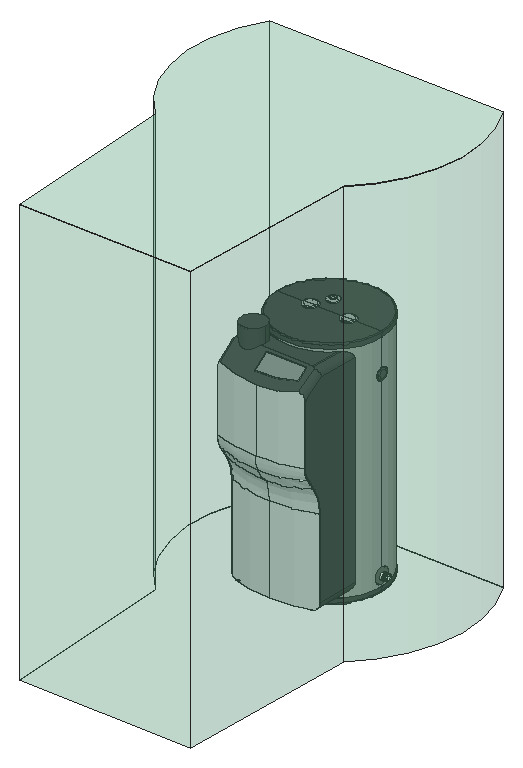
Revit family "Innovo GB_IR 20 160 GB LP", category Mechanical Equipment, Revit 2015
Parameters (values of type "IR-20-160 GB LP")
  Workspace Radius = Diameter + 170 mm  # 730 mm
  Workspace Height = Height + 1000 mm  # 2270 mm
  Workspace Front Distance = 1000 mm
  Working only during off-peak hour = no
  Width = Diameter  # 560 mm
  Workspace [instance] = yes
  Water heating energy efficiency class (2) = "-"
  Water heating energy efficiency class (1) = "A"  # constant formula
  Water heating energy efficiency (2) = "-"
  Water heating energy efficiency (1) = "92%"
  Warranty on tank = "36 months"  # constant formula
  Warranty on parts = "12 months"  # constant formula
  Voltage = 230 V  # constant formula
  Valve Height 02 = if(and(Height = 1745 mm, Diameter = 675 mm), 1518 mm, if(and(Height = 1745 mm, Diameter = 610 mm), 1534 mm, if(Height = 1545 mm, 1328 mm, 1070 mm)))  # 1070 mm
  Valve Height 01 = if(and(Diameter > 560 mm), 693 mm, 604 mm)  # 604 mm
  URL = "www.aosmith.co.uk"
  Type of Packaging = "Carton and Wood"  # constant formula
  Transport Weight = 114 kg
  Trade mark = "A.O. Smith"  # constant formula
  Thermostat temperature setting = 65 °C  # constant formula
  T&P Connection Rp = 3/4"
  Storage Capacity = 160.0 L
  Standard Set For = "G20"
  Stand-by Loss - daily (24h) = 0 W
  Stand-by Loss = 0 W
  Smart control = no
  Serial Number = "8717449286057"
  Seasonal Energy Efficiency Rating = [Energy Efficiency Rating (Hs, acc NEN-EN 89-1999)]  # 95
  Recovery Rate @ ΔT = 70°C = 240.0 L/s
  Recovery Rate @ ΔT = 55°C = 300.0 L/s
  Recovery Rate @ ΔT = 50°C = 330.0 L/s
  Recovery Rate @ ΔT = 44°C = 380.0 L/s
  Recovery Rate @ ΔT = 28°C = 590.0 L/s
  Product Instruction Link = ""
  Product Documentation Link = ""
  Precaustions during assembling, installation or maintenance = "see User, Installation, Service and Maintenance Manual"  # constant formula
  Power Consumption (peak) = 85 W
  Power Consumption (nominal) = 36 W
  Phase = 1
  Packaging Width = 786 mm  # constant formula
  Packaging Length = 946 mm  # constant formula
  Packaging Height = 1465 mm
  Other load profile = "-"
  Operating Weight = 274 kg
  Nominal Output = "19100"
  Nominal Heat Input (Net) = "18000"
  Nominal Heat Input (Gross) = "20000"
  Noice-level dB (A) = "<45"  # constant formula
  NOx Emissions mg/kWh = "30"
  NOx Emissions (air free, 0% O2) ppm = "19"
  Model identifier = "IR-20-160"
  Model = "IR-20-160 GB NAT"
  Min. Setpoint = 40 °C  # constant formula
  Max. Setpoint = 85 °C  # constant formula
  Max. Operating Pressure = 800000.0 Pa
  Max. Flue Gas Outlet Temperature = 61 °C
  Manufacturer Number = "E 7110"  # constant formula
  Manufacturer = "A.O. Smith Water Products Company b.v."  # constant formula
  Maintenance Interval = "12 months"  # constant formula
  Load profile = "XL"
  Length = 780 mm  # constant formula
  Insulation Thickness = 50 mm
  Installation Type = "B23/C13/C33/C43/C53/C63"  # constant formula
  Indoor sound power level = "52 dB"
  Hot / Warm Water Connection R = 3/4"
  Height Warm Water Outlet = 1270 mm
  Height Gas Connection = 860 mm
  Height Flue Outlet = 1295 mm
  Height Cold Water Inlet = 170 mm
  Height Air Inlet = 1295 mm
  Height = 1270 mm
  Heating Up Time @ ΔT = 70°C = "27"
  Heating Up Time @ ΔT = 55°C = "21"
  Heating Up Time @ ΔT = 50°C = "19"
  Heating Up Time @ ΔT = 44°C = "17"
  Heating Up Time @ ΔT = 28°C = "11"
  Gas Supply Pressure = 2000.0 Pa
  Gas Flow Rate - Volume ltr/hr = "1.90"
  Gas Flow Rate - Mass kg/h = "n.a."
  Gas Connection R = 15"  # constant formula
  Gas Category = "II2E3P"  # constant formula
  Frequency = 50 Hz  # constant formula
  Flue Diameter - water heater = "80/125 mm/mm"  # constant formula
  Flue Diameter - parallel system = "2x80"  # constant formula
  Flue Diameter - concentric system = "80/125 mm/mm"  # constant formula
  Energy Efficiency Rating (Hs, acc NEN-EN 89-1999) = 95
  Energy Efficiency Rating (Hi, acc NEN-EN 89-1999) = 106
  Empty Weight = 95 kg
  Draw-off Capacity @ ΔT = 70°C after 90 min. = 410.0 L
  Draw-off Capacity @ ΔT = 70°C after 60 min. = 290.0 L
  Draw-off Capacity @ ΔT = 70°C after 30 min. = 170.0 L
  Draw-off Capacity @ ΔT = 70°C after 120 min. = 520.0 L
  Draw-off Capacity @ ΔT = 55°C after 90 min. = 540.0 L
  Draw-off Capacity @ ΔT = 55°C after 60 min. = 390.0 L
  Draw-off Capacity @ ΔT = 55°C after 30 min. = 240.0 L
  Draw-off Capacity @ ΔT = 55°C after 120 min. = 700.0 L
  Draw-off Capacity @ ΔT = 50°C after 90 min. = 600.0 L
  Draw-off Capacity @ ΔT = 50°C after 60 min. = 440.0 L
  Draw-off Capacity @ ΔT = 50°C after 30 min. = 270.0 L
  Draw-off Capacity @ ΔT = 50°C after 120 min. = 770.0 L
  Draw-off Capacity @ ΔT = 44°C after 90 min. = 690.0 L
  Draw-off Capacity @ ΔT = 44°C after 60 min. = 510.0 L
  Draw-off Capacity @ ΔT = 44°C after 30 min. = 320.0 L
  Draw-off Capacity @ ΔT = 44°C after 120 min. = 880.0 L
  Draw-off Capacity @ ΔT = 28°C after 90 min. = 1200.0 L
  Draw-off Capacity @ ΔT = 28°C after 60 min. = 820.0 L
  Draw-off Capacity @ ΔT = 28°C after 30 min. = 530.0 L
  Draw-off Capacity @ ΔT = 28°C after 120 min. = 1500.0 L
  Drain Valve Connection Rp = 3/4"  # constant formula
  Diameter = 560 mm
  Destination / Country = "UK & Ireland"  # constant formula
  Description = "Condensing High Efficiency Storage Water Heater"  # constant formula
  Default Setpoint = 65 °C  # constant formula
  Created By = "http://www.cadcompany.nl/"
  Condens Discharge Connection = 40 mm  # constant formula
  Cold Water Connection R = 3/4"  # constant formula
  Co2 Emissions (tol. +/- 1.0) vol% = "9.3"
  CE-PIN = "0063CQ3037"  # constant formula
  BIM Content Developer = "CAD & Company"  # constant formula
  Assembly Code = "D3010"
  Annual fuel consumption (2) = "-"
  Annual fuel consumption (1) = "16 GJ GCV"
  Annual electricity consumption (2) = "-"
  Annual electricity consumption (1) = "37 kWh"
  APS Pressure < = 115.0 Pa
  2nd Maintenance (general maintenance) = "12 months after installation"  # constant formula
  1e Maintenance (check-up) = "3 months after installation"  # constant formula
Reference planes
  plane 1 "Center (Front/Back)": y = 0
  plane 2: z = 0
  plane 3 "Center (Left/Right)": x = 0
  plane 4 "Pipe": through (-383.901, 912.349, 194.799) normal (-0.0879, -0.0879, 0.9923)
  plane 5 "footing": y = 118.925
  plane 6 "footing front": y = -237.85
  plane 7: x = -280
  plane 8: x = 280
  plane 9: z = 1270
Forms (mm)
  Revolve 1, solid, material "RAL 9005", detail levels medium+fine
    sketch origin (0, -237.85, 0) x (-1, 0, 0) y (0, 0, 1)
      loop
        line (0, 28.9) -> (-15, 28.9) -> (-15, 26.4) -> (-8.671, 26.4) -> (-8.671, 18) -> (-5.686, 18) -> (-6.626, 17.06) -> (-6.626, 12.06) -> (-8.671, 12.06) -> (-8.671, 10) -> (-10.031, 10) -> (-23.271, 5.181)
        arc (-23.271, 5.181) -> (-23.763, 4.836) -> (-24.017, 4.293) r 1.159
        line (-24.017, 4.293) -> (-24.017, 1.03)
        arc (-24.017, 1.03) -> (-23.715, 0.302) -> (-22.986, 0) r 1.03
        line (-22.986, 0) -> (0, 0) -> (0, 28.9)
      axis (0, 28.9) -> (0, 0)
    angle from 0 to 360
  Revolve 2, solid, material "RAL 9005", detail levels medium+fine
    sketch origin (0, 118.925, 0) x (-1, 0, 0) y (0, 0, 1)
      loop
        line (-180.984, 28.9) -> (-195.984, 28.9) -> (-195.984, 26.4) -> (-189.655, 26.4) -> (-189.655, 18) -> (-186.67, 18) -> (-187.61, 17.06) -> (-187.61, 12.06) -> (-189.655, 12.06) -> (-189.655, 10) -> (-191.015, 10) -> (-204.256, 5.181)
        arc (-204.256, 5.181) -> (-204.747, 4.836) -> (-205.001, 4.293) r 1.159
        line (-205.001, 4.293) -> (-205.001, 1.03)
        arc (-205.001, 1.03) -> (-204.699, 0.302) -> (-203.971, 0) r 1.03
        line (-203.971, 0) -> (-180.984, 0) -> (-180.984, 28.9)
      axis (-180.984, 28.9) -> (-180.984, 0)
    angle from 0 to 360
  Revolve 3, solid, material "RAL 9005", detail levels medium+fine
    sketch origin (0, 118.925, 0) x (-1, 0, 0) y (0, 0, 1)
      loop
        line (179.016, 28.9) -> (164.016, 28.9) -> (164.016, 26.4) -> (170.345, 26.4) -> (170.345, 18) -> (173.33, 18) -> (172.39, 17.06) -> (172.39, 12.06) -> (170.345, 12.06) -> (170.345, 10) -> (168.985, 10) -> (155.744, 5.181)
        arc (155.744, 5.181) -> (155.253, 4.836) -> (154.999, 4.293) r 1.159
        line (154.999, 4.293) -> (154.999, 1.03)
        arc (154.999, 1.03) -> (155.301, 0.302) -> (156.029, 0) r 1.03
        line (156.029, 0) -> (179.016, 0) -> (179.016, 28.9)
      axis (179.016, 28.9) -> (179.016, 0)
    angle from 0 to 360
Lines and regions (mm)
  symbolic lines
    curve 1: line (0, 280.06, 0) -> (0, -280.06, 0)
    curve 2: line (-255.06, 0, 0) -> (255.06, 0, 0)
  symbolic lines, style "Workspace"
    curve 3: line (623.261, 380.06, 0) -> (-623.261, 380.06, 0)
    curve 4: arc (-623.261, 380.06, 0) -> (-723.227, -99.209, 0) -> (-497.893, -533.856, 0) r 730
    curve 5: line (-497.893, -533.856, 0) -> (-454.283, -1492.825, 0)
    curve 6: line (-454.283, -1492.825, 0) -> (456.53, -1492.825, 0)
    curve 7: line (456.53, -1492.825, 0) -> (500.201, -531.695, 0)
    curve 8: arc (500.201, -531.695, 0) -> (723.44, -97.643, 0) -> (623.261, 380.06, 0) r 730
Dimensions and locks
  plane 5 "footing" to plane 1 "Center (Front/Back)" = 118.925 mm
  plane 1 "Center (Front/Back)" to plane 6 "footing front" = 237.85 mm
  "Diameter": plane 7 to plane 8
  equal spacing: plane 7, plane 3 "Center (Left/Right)", plane 8
  "Height": plane 9 to plane 2
  "Workspace Front Distance": curve 6 to nested 3
  "Workspace Radius": radius of curve 4
  "Workspace Radius": radius of curve 8
  aligned and locked: level to plane 2
  aligned and locked: nested 3 to Revolve 1 sketch curve
  aligned and locked: plane 3 "Center (Left/Right)" to Revolve 1 sketch curve
  aligned and locked: nested 3 to plane 1 "Center (Front/Back)"
  aligned and locked: plane 3 "Center (Left/Right)" to nested 3
  aligned and locked: nested 1 to plane 8
  aligned and locked: nested 5 to plane 8
  aligned and locked: nested 2 to plane 7
  aligned and locked: nested 4 to plane 7
  aligned and locked: nested 7 to plane 7
  aligned and locked: nested 8 to plane 3 "Center (Left/Right)"
  aligned and locked: plane 1 "Center (Front/Back)" to nested 8
  aligned and locked: nested 8 to nested 3
  aligned and locked: curve 5 to nested 8
  aligned and locked: curve 7 to nested 8
  aligned and locked: curve 3 to nested 8
Automatic sketch dimensions
  Revolve 1 sketch curve to level = 0 mm
  plane 3 "Center (Left/Right)" to Revolve 1 sketch curve = 5.686 mm
  Revolve 1 sketch curve to Revolve 1 sketch curve = 0.94 mm  (x2)
  Revolve 1 sketch curve to Revolve 1 sketch curve = 2.046 mm  (x2)
  Revolve 1 sketch curve to Revolve 1 sketch curve = 1.359 mm
  Revolve 1 sketch curve to Revolve 1 sketch curve = 6.329 mm
  level to Revolve 1 sketch curve = 4.091 mm
  Revolve 1 sketch curve to Revolve 1 sketch curve = 12.844 mm
  level to Revolve 1 sketch curve = 1.03 mm
  Revolve 1 sketch curve to Revolve 1 sketch curve = 0.111 mm
  level to Revolve 1 sketch curve = 5.181 mm
  Revolve 1 sketch curve to Revolve 1 sketch curve = 0.745 mm
  level to Revolve 1 sketch curve = 10 mm
  Revolve 1 sketch curve to Revolve 1 sketch curve = 2.06 mm
  Revolve 1 sketch curve to Revolve 1 sketch curve = 5 mm
  Revolve 1 sketch curve to Revolve 1 sketch curve = 8.4 mm
  Revolve 1 sketch curve to Revolve 1 sketch curve = 2.5 mm
  Revolve 1 sketch curve to level = 19.635 mm
  Revolve 1 sketch curve to Revolve 1 sketch curve = 46.465 mm
  Revolve 2 sketch curve to level = 0 mm
  level to Revolve 2 sketch curve = 1.03 mm
  Revolve 2 sketch curve to plane 8 = 74.999 mm
  level to Revolve 2 sketch curve = 5.181 mm
  Revolve 2 sketch curve to Revolve 2 sketch curve = 0.745 mm
  Revolve 2 sketch curve to Revolve 2 sketch curve = 0.397 mm
  Revolve 2 sketch curve to Revolve 2 sketch curve = 8.271 mm
  Revolve 2 sketch curve to Revolve 2 sketch curve = 13.241 mm
  Revolve 2 sketch curve to Revolve 2 sketch curve = 1.359 mm
  Revolve 2 sketch curve to Revolve 2 sketch curve = 6.329 mm
  Revolve 2 sketch curve to Revolve 2 sketch curve = 2.046 mm
  level to Revolve 2 sketch curve = 18 mm
  Revolve 2 sketch curve to Revolve 2 sketch curve = 0.94 mm  (x2)
  Revolve 2 sketch curve to Revolve 2 sketch curve = 8.671 mm
  Revolve 2 sketch curve to Revolve 2 sketch curve = 1.089 mm
  Revolve 2 sketch curve to Revolve 2 sketch curve = 8 mm
  Revolve 2 sketch curve to Revolve 2 sketch curve = 2.06 mm
  Revolve 2 sketch curve to Revolve 2 sketch curve = 8.4 mm
  Revolve 2 sketch curve to Revolve 2 sketch curve = 2.5 mm
  Revolve 2 sketch curve to Revolve 2 sketch curve = 0 mm
  Revolve 2 sketch curve to level = 19.635 mm
  Revolve 2 sketch curve to Revolve 2 sketch curve = 46.465 mm
  Revolve 3 sketch curve to level = 0 mm
  level to Revolve 3 sketch curve = 1.03 mm
  Revolve 3 sketch curve to plane 7 = 125.001 mm
  level to Revolve 3 sketch curve = 5.181 mm
  Revolve 3 sketch curve to Revolve 3 sketch curve = 0.745 mm
  Revolve 3 sketch curve to Revolve 3 sketch curve = 0.397 mm
  Revolve 3 sketch curve to Revolve 3 sketch curve = 8.271 mm
  Revolve 3 sketch curve to Revolve 3 sketch curve = 13.241 mm
  Revolve 3 sketch curve to Revolve 3 sketch curve = 1.359 mm
  Revolve 3 sketch curve to Revolve 3 sketch curve = 6.329 mm
  Revolve 3 sketch curve to Revolve 3 sketch curve = 2.046 mm
  level to Revolve 3 sketch curve = 18 mm
  Revolve 3 sketch curve to Revolve 3 sketch curve = 0.94 mm  (x2)
  Revolve 3 sketch curve to Revolve 3 sketch curve = 8.671 mm
  Revolve 3 sketch curve to Revolve 3 sketch curve = 1.089 mm
  Revolve 3 sketch curve to Revolve 3 sketch curve = 8 mm
  Revolve 3 sketch curve to Revolve 3 sketch curve = 2.06 mm
  Revolve 3 sketch curve to Revolve 3 sketch curve = 8.4 mm
  Revolve 3 sketch curve to Revolve 3 sketch curve = 2.5 mm
  Revolve 3 sketch curve to Revolve 3 sketch curve = 0 mm
  Revolve 3 sketch curve to level = 19.635 mm
  Revolve 3 sketch curve to Revolve 3 sketch curve = 46.465 mm
  curve 4 to curve 8 = 0 mm  (x2)
  plane 1 "Center (Front/Back)" to curve 2 = 0 mm
  curve 1 to plane 3 "Center (Left/Right)" = 0 mm
  plane 1 "Center (Front/Back)" to curve 4 = 0 mm
  curve 4 to plane 3 "Center (Left/Right)" = 0 mm
  curve 2 to plane 7 = 24.94 mm
  curve 2 to plane 8 = 24.94 mm
  curve 1 to plane 6 "footing front" = 42.21 mm
  plane 5 "footing" to curve 1 = 161.135 mm
Nested families
  nested 1: "Valve" at (280, -0.38, 1070) x (0, 1, 0) z (0, 0, 1), built-in parameter 1001364 <- "Valve Height 02", type "Valve"
  nested 2: "Drain Valve" at (-280, 0, 1070), built-in parameter 1001364 <- "Valve Height 02", type "Drain Valve"
  nested 3: "Housing Mother Housing S 57 (external)" at (0, -274.886, 0), type "Housing Mother_Housing S_57"
  nested 4: "Drain Valve" at (-280, 0, 177), type "Drain Valve"
  nested 5: "Drain Valve" at (280, 0, 107) x (-1, 0, 0) z (0, 0, 1), type "Drain Valve"
  nested 6: "Boiler" at (0, 0, 0), height <- "Height", type "Boiler"
    with height 1270 mm
  nested 7: "Drain Valve" at (-280, 0, 604), built-in parameter 1001364 <- "Valve Height 01", type "Drain Valve"
  nested 8: "Innovo_workspace" at (0, 0, 0), Workspace <- "Workspace", Workspace Distance Front <- "Workspace Front Distance", Workspace Height <- "Workspace Height", Workspace Radius <- "Workspace Radius", type "Workspace"
    with Workspace Radius 730 mm, Workspace Height 2270 mm, Workspace Distance Front 1000 mm, Workspace yes, Center to Front 492.825 mm
Connectors
  piping at (314.826, 0, 107), diameter 19.05, driven by "Drain Valve Connection Rp"
    settings: on nested 5, index 1, connector inside diameter 24", connector length 0 mm, flow factor 0, pipe flow 0.0 L/s, pressure drop 0.0 Pa, fitting loss kfactor 0, connector angle 0.00°, fixture units 0, engagement length 0 mm, angle of deflection 0.00°, flow configuration 0, flow direction 0, fitting loss method 0, system type 19, joint type 0, gender type 0, connector reference index -1, connector utility 0, adjustable connector no, is connector primary yes, connector description ""
  hvac at (-147.013, -321.326, 1310.674)
    settings: on nested 3, index 2, duct flow 0.0 L/s, flow factor 0, pres drop 0.0 Pa, loss coef 0, conn angle 0.00°, conn width 304.8 mm, conn height 304.8 mm, conn diameter 125 mm, duct sys type 4, conn prof type 0, flow config 0, flow direction 0, loss method 0, conn ref index -1, conn util no, is conn primary yes, conn desc ""
Definition of nested family "Valve"
  Parameters (values of type "Valve")
    Type Comments = "T&P valve (internal)"
    Manufacturer = "A.O. Smith"
  Reference planes
    plane 1 "Center (Front/Back)": y = 0
    plane 2: z = 0
    plane 3 "Center (Left/Right)": x = 0
  Forms (mm)
    Extrusion 1, solid, detail levels fine
      sketch origin (0, 0, 0) x (1, 0, 0) y (0, 0, 1)
        loop
          circle (0, 0) r 31.5
      from -2.271 to 1.4
    Sweep 2, solid, detail levels fine
      path origin (0, -1.4, 0) x (1, 0, 0) y (0, 0, 1)
        loop
          circle (0, 0) r 31.5
      profile origin (0, -1.4, 31.5) x (0, 0, -1) y (0, -1, 0)
        loop
          line (7.3, 0) -> (7.3, 3) -> (0, 0) -> (7.3, 0)
  Dimensions and locks
    aligned and locked: level to plane 2
Definition of nested family "Drain Valve"
  Reference planes
    plane 1 "Center (Front/Back)": y = 0
    plane 2: z = 0
    plane 3 "Center (Left/Right)": x = 0
  Forms (mm)
    Revolve 1, solid, detail levels medium+fine
      sketch origin (0, 0, 0) x (1, 0, 0) y (0, 0, 1)
        loop
          line (-33.442, 15.696) -> (-34.826, 14.329) -> (-34.93, 12.731) -> (-16.555, 12.731) -> (-16.555, 0) -> (15.787, 0) -> (15.787, 18.3) -> (-14.4, 18.3) -> (-17.148, 15.533) -> (-18.729, 16.697) -> (-20.091, 15.333) -> (-21.672, 16.496) -> (-23.034, 15.133) -> (-24.614, 16.296) -> (-25.976, 14.932) -> (-27.557, 16.096) -> (-28.919, 14.732) -> (-30.5, 15.896) -> (-31.862, 14.532) -> (-33.442, 15.696)
        axis (-34.93, 0) -> (15.787, 0)
      angle from 0 to 360
  Dimensions and locks
    aligned and locked: level to plane 2
  Nested families
    nested 1: "Rubber sealing" at (2.592, -0.155, 0) x (0.0023, -1, 0) z (0, 0, 1), type "Rubber sealing", detail levels fine
  Definition of nested family "Rubber sealing"
    Reference planes
      plane 1 "Center (Front/Back)": y = 0
      plane 2: z = 0
      plane 3 "Center (Left/Right)": x = 0
    Forms (mm)
      Extrusion 1, solid, detail levels fine
        sketch origin (141.861, 319.581, 0) x (1, 0, 0) y (0, 1, 0)
          loop
            line (-216.354, -311.898) -> (-216.354, -313.94)
            arc (-216.354, -313.94) -> (-141.602, -321.581) -> (-66.861, -313.835) r 366.966
            line (-66.861, -313.835) -> (-66.861, -311.791)
            arc (-66.861, -311.791) -> (-141.602, -319.581) -> (-216.354, -311.898) r 364.966
        from -80 to 80
      Extrusion 2, void
        sketch origin (141.861, 319.581, 0) x (1, 0, 0) y (0, 0, 1)
          loop
            circle (-141.861, 0) r 13
          loop
            circle (-141.861, 0) r 110
          loop
            circle (-141.861, 0) r 40
        from 311.563 to 332.684
      Extrusion 3, void
        sketch origin (141.861, 319.581, 0) x (1, 0, 0) y (0, 0, 1)
          loop
            circle (-141.861, 0) r 18.25
        from 315.524 to 326.084
    Cuts and joins
      Extrusion 2, Extrusion 3 cuts Extrusion 1
    Dimensions and locks
      aligned and locked: level to plane 2
Definition of nested family "Housing Mother Housing S 57 (external)"
  Parameters (values of type "Housing Mother_Housing S_57")
    radius [instance] = 280 mm
    distance to boiler center = if(diameter = 675 mm, 189 mm, if(diameter = 610 mm, 154 mm, 129 mm))  # 129 mm
    diameter = 560 mm
  Reference planes
    plane 1 "Center (Front/Back)": y = 0
    plane 2: z = 0
    plane 3 "Center (Left/Right)": x = 0
    plane 4 "left": through (-245.286, 145.886, 1200) normal (0.9994, 0.0349, 0)
    plane 5: y = -217.939
    plane 6: y = 145.886
    plane 7: z = 1232.6
    plane 8: z = 65.89
    plane 9 "right": through (245.286, 145.886, 1200) normal (0.9994, -0.0349, 0)
    plane 10 "display": through (0, -90.37, 1221.196) normal (0, -0.5736, 0.8192)
    plane 11 "Potentiostat": z = 867.899
    plane 12 "boiler center": y = 274.886
    plane 13: x = -280
    plane 14: x = 280
  Forms (mm)
    Extrusion 1, solid
      sketch origin (0, 0, 0) x (1, 0, 0) y (0, 1, 0)
        loop
          line (-245.286, 145.886) -> (-232.581, -217.939) -> (232.581, -217.939) -> (245.286, 145.886)
          arc (245.286, 145.886) -> (0, 0.923) -> (-245.286, 145.886) r 280
      from 0 to 1232.6
    Sweep 2, void
      path origin (0, 0, 0) x (0, 1, 0) y (0, 0, 1)
        loop
          line (-217.939, 1232.6) -> (-217.939, 795.555)
          arc (-217.939, 795.555) -> (-212.387, 754.285) -> (-197.694, 715.322) r 183.924
          arc (-197.694, 715.322) -> (-179.915, 684.628) -> (-159.106, 655.901) r 348.284
          arc (-159.106, 655.901) -> (-131.411, 600.328) -> (-121.88, 538.973) r 202.254
          line (-121.88, 538.973) -> (-121.88, 61.106)
      profile origin (0, -217.939, 1014.077) x (1, 0, 0) y (0, 1, 0)
        loop
          arc (0, 0) -> (-117.533, 9.941) -> (-231.728, 39.475) r 699.984
          arc (-231.728, 39.475) -> (-233.391, 40.705) -> (-234.07, 42.659) r 3.505
          line (-234.07, 42.659) -> (-254.062, 42.659) -> (-254.062, -142.593) -> (254.07, -142.593) -> (254.07, 42.659) -> (234.07, 42.659)
          arc (234.07, 42.659) -> (233.391, 40.705) -> (231.728, 39.475) r 3.505
          arc (231.728, 39.475) -> (117.533, 9.941) -> (0, 0) r 699.984
    Extrusion 3, void
      sketch origin (0, 0, 0) x (0, 1, 0) y (0, 0, 1)
        loop
          arc (102.864, 70.869) -> (99.804, 70.709) -> (96.874, 69.813) r 12.57
          arc (96.874, 69.813) -> (87.878, 66.533) -> (78.516, 64.529) r 69.114
          arc (78.516, 64.529) -> (76.41, 64.284) -> (74.294, 64.148) r 41.206
          arc (74.294, 64.148) -> (65.203, 64.335) -> (56.122, 64.782) r 318.661
          arc (56.122, 64.782) -> (30.585, 66.179) -> (5.028, 67.128) r 1456.581
          line (5.028, 67.128) -> (-84.534, 73.135)
          arc (-84.534, 73.135) -> (-86.363, 73.808) -> (-87.536, 75.365) r 3.455
          line (-87.536, 75.365) -> (-264.473, 75.365) -> (-264.473, 0) -> (160.886, 0) -> (160.886, 103.945) -> (145.886, 103.945)
          arc (145.886, 103.945) -> (145.104, 97.827) -> (142.923, 92.059) r 26.364
          arc (142.923, 92.059) -> (141.067, 88.936) -> (138.867, 86.045) r 31.715
          arc (138.867, 86.045) -> (135.576, 82.49) -> (132.021, 79.2) r 62.615
          arc (132.021, 79.2) -> (125.841, 74.697) -> (119.091, 71.103) r 54.444
          arc (119.091, 71.103) -> (116.371, 70.272) -> (113.531, 70.123) r 11.669
          line (113.531, 70.123) -> (102.864, 70.869)
      from -254.062 to 254.07
    Sweep 4, void
      path origin (0, 0, 0) x (1, 0, 0) y (0, 1, 0)
        loop
          line (-245.286, 145.886) -> (-232.581, -217.939)
      profile origin (-238.933, -36.027, 0) x (0.999391, 0.034899, 0) y (0, 0, 1)
        loop
          line (-4.454, 0) -> (47.084, 0) -> (47.084, 73.431)
          arc (47.084, 73.431) -> (14.222, 85.134) -> (0.255, 117.1) r 43.922
          line (0.255, 117.1) -> (-4.454, 117.1) -> (-4.454, 0)
    Sweep 5, void
      path origin (0, 0, 0) x (-1, 0, 0) y (0, 1, 0)
        loop
          line (-245.286, 145.886) -> (-232.581, -217.939)
      profile origin (238.933, -36.027, 0) x (0.999391, -0.034899, 0) y (0, 0, 1)
        loop
          line (4.454, 0) -> (4.454, 117.1) -> (-0.255, 117.1)
          arc (-0.255, 117.1) -> (-14.222, 85.134) -> (-47.084, 73.431) r 43.922
          line (-47.084, 73.431) -> (-47.084, 0) -> (4.454, 0)
    Sweep 6, void
      path origin (-239.899, -8.377, 0) x (-0.034899, 0.999391, 0) y (0, 0, 1)
        loop
          line (-209.69, 1141.272) -> (-79.18, 1232.6) -> (154.358, 1232.6)
      profile origin (-241.211, 29.188, 1232.6) x (0, 0, 1) y (0.999391, 0.034899, 0)
        loop
          line (-45, -30) -> (75, -30) -> (75, 0) -> (75, 55) -> (2.799, 55) -> (-1.253, 35.128)
          arc (-1.253, 35.128) -> (-16.771, 9.564) -> (-45, -0.308) r 44.287
          line (-45, -0.308) -> (-45, -30)
    Sweep 7, void
      path origin (239.899, -8.377, 0) x (0.034899, 0.999391, 0) y (0, 0, 1)
        loop
          line (-209.69, 1141.272) -> (-79.18, 1232.6) -> (154.358, 1232.6)
      profile origin (241.211, 29.188, 1232.6) x (0, 0, -1) y (-0.999391, 0.034899, 0)
        loop
          line (-75, -25) -> (45, -25) -> (45, -0.308)
          arc (45, -0.308) -> (16.771, 9.564) -> (1.253, 35.128) r 44.287
          line (1.253, 35.128) -> (-2.799, 55) -> (-75, 55) -> (-75, -25)
    Extrusion 8, void
      sketch origin (0, 0, 0) x (0, 1, 0) y (0, 0, 1)
        loop
          line (-270, 1336.099) -> (-270, 1099.081) -> (68.497, 1336.099) -> (-270, 1336.099)
      from -425.038 to 444.42
    Extrusion 9, solid, detail levels medium+fine
      sketch origin (0, 0, 0) x (1, 0, 0) y (0, 1, 0)
        loop
          circle (-147.013, -46.44) r 65
      from 1163.174 to 1310.674
    Extrusion 10, void
      sketch origin (0, -603.506, 861.895) x (0, 0.819152, 0.573576) y (-1, 0, 0)
        loop
          arc (618.322, -173) -> (623.272, -170.95) -> (625.322, -166) r 7
          line (625.322, -166) -> (625.322, 35)
          arc (625.322, 35) -> (623.272, 39.95) -> (618.322, 42) r 7
          line (618.322, 42) -> (535.473, 42)
          arc (535.473, 42) -> (530.688, 40.11) -> (528.488, 35.46) r 7
          arc (528.488, 35.46) -> (531.569, -67.592) -> (554.18, -168.18) r 540
          arc (554.18, -168.18) -> (556.724, -171.668) -> (560.831, -173) r 7
          line (560.831, -173) -> (618.322, -173)
      from 0 to 137.286
    Sweep 11, solid, detail levels fine
      path origin (0, 0, 867.899) x (-1, 0, 0) y (0, -1, 0)
        loop
          line (309.749, -35.617) -> (204.371, -35.617)
          arc (204.371, -35.617) -> (196.509, -34.687) -> (189.082, -31.947) r 33.677
          line (189.082, -31.947) -> (-9.574, 69.274)
      profile origin (-257.06, 35.617, 867.899) x (0, 1, 0) y (0, 0, 1)
        loop
          circle (0, 0) r 7.316
        loop
          circle (0, 0) r 6.465
    Revolve 12, void
      sketch origin (0, 274.886, 0) x (-1, 0, 0) y (0, 0, 1)
        loop
          line (280, 1243.838) -> (0, 1243.838) -> (0, 54.9) -> (280, 54.9) -> (280, 1243.838)
        axis (0, 1243.838) -> (0, 54.9)
      angle from 0 to 360
  Cuts and joins
    Sweep 2, Extrusion 3, Sweep 4, Sweep 5, Sweep 6, Sweep 7, Extrusion 8, Extrusion 10, Revolve 12 cuts Extrusion 1
  Dimensions and locks
    plane 8 to plane 2 = 65.89 mm
    plane 7 to plane 8 = 1166.71 mm
    "distance to boiler center": plane 12 "boiler center" to plane 6
    "diameter": plane 14 to plane 13
    equal spacing: plane 14, plane 3 "Center (Left/Right)", plane 13
    "radius": plane 3 "Center (Left/Right)" to plane 13
    aligned and locked: level to plane 2
    aligned and locked: Extrusion 1 to plane 7
    aligned and locked: Extrusion 1 sketch curve to plane 5
    aligned and locked: Sweep 2 to Extrusion 3
    aligned and locked: Extrusion 3 to Sweep 2  (x2)
    aligned and locked: plane 7 to Sweep 2 sketch curve
    aligned and locked: plane 3 "Center (Left/Right)" to Revolve 12 sketch curve
    aligned and locked: Revolve 12 sketch curve to plane 3 "Center (Left/Right)"
    aligned and locked: plane 13 to Revolve 12 sketch curve
  Automatic sketch dimensions
    Extrusion 1 sketch curve to plane 4 "left" = 0 mm  (x2)
    Extrusion 1 sketch curve to plane 6 = 0 mm  (x2)
    Extrusion 1 sketch curve to plane 3 "Center (Left/Right)" = 0 mm
    Extrusion 1 sketch curve to plane 9 "right" = 0 mm
    plane 6 to Extrusion 1 sketch curve = 135.037 mm
    Sweep 2 sketch curve to plane 5 = 0 mm
    plane 5 to Sweep 2 sketch curve = 106.195 mm
    Sweep 2 sketch curve to plane 5 = 96.059 mm
    plane 1 "Center (Front/Back)" to Sweep 2 sketch curve = 34.053 mm
    plane 11 "Potentiostat" to Sweep 2 sketch curve = 6.417 mm
    Sweep 2 sketch curve to plane 6 = 33.705 mm
    Sweep 2 sketch curve to plane 11 "Potentiostat" = 68.615 mm
    Sweep 2 sketch curve to plane 11 "Potentiostat" = 72.345 mm
    Sweep 2 sketch curve to Sweep 2 sketch curve = 176.349 mm
    Sweep 2 sketch curve to Sweep 2 sketch curve = 0 mm  (x2)
    plane 8 to Sweep 2 sketch curve = 4.784 mm
    Extrusion 3 sketch curve to level = 0 mm
    Extrusion 3 sketch curve to plane 6 = 0 mm
    Extrusion 3 sketch curve to plane 6 = 26.363 mm
    Extrusion 3 sketch curve to Extrusion 3 sketch curve = 4.75 mm
    Extrusion 3 sketch curve to Extrusion 3 sketch curve = 5.179 mm
    Extrusion 3 sketch curve to plane 8 = 4.232 mm
    Extrusion 3 sketch curve to Extrusion 3 sketch curve = 0.814 mm
    Extrusion 3 sketch curve to plane 8 = 4.978 mm
    Extrusion 3 sketch curve to Extrusion 3 sketch curve = 10.667 mm
    Extrusion 3 sketch curve to Extrusion 3 sketch curve = 0.877 mm
    Extrusion 3 sketch curve to Extrusion 3 sketch curve = 17.827 mm
    Extrusion 3 sketch curve to Extrusion 3 sketch curve = 5.646 mm
    Extrusion 3 sketch curve to plane 6 = 69.562 mm
    Extrusion 3 sketch curve to Extrusion 3 sketch curve = 18.6 mm
    Extrusion 3 sketch curve to Extrusion 3 sketch curve = 22.538 mm
    Extrusion 3 sketch curve to plane 8 = 1.238 mm
    Extrusion 3 sketch curve to plane 1 "Center (Front/Back)" = 5.028 mm
    plane 1 "Center (Front/Back)" to Extrusion 3 sketch curve = 36.224 mm
    Extrusion 3 sketch curve to plane 8 = 10.692 mm
    plane 1 "Center (Front/Back)" to Extrusion 3 sketch curve = 84.302 mm
    Extrusion 3 sketch curve to plane 8 = 7.244 mm
    Extrusion 3 sketch curve to Extrusion 3 sketch curve = 0.231 mm
    Extrusion 3 sketch curve to Extrusion 3 sketch curve = 3.234 mm
    plane 5 to Extrusion 3 sketch curve = 46.534 mm
    plane 6 to Extrusion 3 sketch curve = 15 mm
    Extrusion 3 sketch curve to level = 1388.869 mm
    plane 8 to Extrusion 3 sketch curve = 7.561 mm
    Extrusion 3 sketch curve to Extrusion 3 sketch curve = 11.64 mm
    Extrusion 3 sketch curve to plane 8 = 38.054 mm
    Extrusion 3 sketch curve to Extrusion 3 sketch curve = 22.442 mm
    Extrusion 3 sketch curve to plane 8 = 39.432 mm
    Extrusion 3 sketch curve to Extrusion 3 sketch curve = 2.466 mm
    Extrusion 3 sketch curve to Extrusion 3 sketch curve = 14.17 mm
    Extrusion 3 sketch curve to Extrusion 3 sketch curve = 5.925 mm
    Extrusion 3 sketch curve to Extrusion 3 sketch curve = 6.186 mm
    Extrusion 3 sketch curve to Extrusion 3 sketch curve = 249.85 mm
    Extrusion 3 sketch curve to Extrusion 3 sketch curve = 0 mm  (x4)
    Extrusion 3 sketch curve to Extrusion 3 sketch curve = 6.845 mm
    plane 8 to Extrusion 3 sketch curve = 1.743 mm
    Sweep 4 sketch curve to plane 4 "left" = 0 mm  (x2)
    Sweep 4 sketch curve to plane 6 = 0 mm
    plane 5 to Sweep 4 sketch curve = 0 mm
    Sweep 4 sketch curve to level = 0 mm
    profile plane to Sweep 4 sketch curve = 4.454 mm
    Sweep 4 sketch curve to profile plane = 0.255 mm
    Sweep 4 sketch curve to Sweep 4 sketch curve = 43.922 mm
    Sweep 4 sketch curve to profile plane = 47.084 mm
    level to Sweep 4 sketch curve = 73.431 mm
    Sweep 4 sketch curve to Sweep 4 sketch curve = 43.669 mm
    Sweep 5 sketch curve to plane 6 = 0 mm
    Sweep 5 sketch curve to plane 9 "right" = 0 mm  (x2)
    plane 5 to Sweep 5 sketch curve = 0 mm
    Sweep 5 sketch curve to level = 0 mm
    profile plane to Sweep 5 sketch curve = 47.084 mm
    Sweep 5 sketch curve to Sweep 5 sketch curve = 2.907 mm
    profile plane to Sweep 5 sketch curve = 0.255 mm
    Sweep 5 sketch curve to profile plane = 4.454 mm
    level to Sweep 5 sketch curve = 73.431 mm
    Sweep 5 sketch curve to Sweep 5 sketch curve = 43.669 mm
    Sweep 6 sketch curve to plane 7 = 0 mm
    plane 7 to Sweep 6 sketch curve = 91.328 mm
    Sweep 6 sketch curve to Sweep 6 sketch curve = 130.509 mm
    Sweep 6 sketch curve to Sweep 6 sketch curve = 233.538 mm
    Sweep 6 sketch curve to plane 4 "left" = 0 mm
    profile plane to Sweep 6 sketch curve = 45 mm
    Sweep 6 sketch curve to Sweep 6 sketch curve = 0.354 mm
    profile plane to Sweep 6 sketch curve = 1.253 mm
    Sweep 6 sketch curve to profile plane = 2.799 mm
    Sweep 6 sketch curve to Sweep 6 sketch curve = 72.201 mm
    Sweep 6 sketch curve to plane 4 "left" = 0.308 mm
    Sweep 6 sketch curve to Sweep 6 sketch curve = 29.692 mm
    plane 4 "left" to Sweep 6 sketch curve = 35.128 mm
    plane 4 "left" to Sweep 6 sketch curve = 55 mm
    Sweep 7 sketch curve to plane 7 = 0 mm
    Sweep 7 sketch curve to plane 7 = 91.328 mm
    Sweep 7 sketch curve to Sweep 7 sketch curve = 130.509 mm
    Sweep 7 sketch curve to Sweep 7 sketch curve = 233.538 mm
    Sweep 7 sketch curve to plane 9 "right" = 25 mm
    profile plane to Sweep 7 sketch curve = 75 mm
    profile plane to Sweep 7 sketch curve = 2.799 mm
    Sweep 7 sketch curve to profile plane = 1.253 mm
    Sweep 7 sketch curve to Sweep 7 sketch curve = 43.393 mm
    Sweep 7 sketch curve to profile plane = 45 mm
    Sweep 7 sketch curve to plane 9 "right" = 0.308 mm
    plane 9 "right" to Sweep 7 sketch curve = 35.128 mm
    Sweep 7 sketch curve to Sweep 7 sketch curve = 19.872 mm
    plane 5 to Extrusion 8 sketch curve = 52.061 mm
    Extrusion 8 sketch curve to plane 1 "Center (Front/Back)" = 68.497 mm
    plane 7 to Extrusion 8 sketch curve = 133.519 mm
    Extrusion 8 sketch curve to plane 7 = 103.499 mm
    plane 1 "Center (Front/Back)" to Extrusion 9 sketch curve = 46.44 mm
    Extrusion 9 sketch curve to plane 3 "Center (Left/Right)" = 147.013 mm
    Extrusion 10 sketch curve to plane 3 "Center (Left/Right)" = 0 mm
    Extrusion 10 sketch curve to plane 3 "Center (Left/Right)" = 35 mm
    Extrusion 10 sketch curve to Extrusion 10 sketch curve = 25.359 mm
    Extrusion 10 sketch curve to Extrusion 10 sketch curve = 57.491 mm
    Extrusion 10 sketch curve to plane 3 "Center (Left/Right)" = 42 mm
    Extrusion 10 sketch curve to Extrusion 10 sketch curve = 82.85 mm
    Extrusion 10 sketch curve to Extrusion 10 sketch curve = 7 mm
    Extrusion 10 sketch curve to Extrusion 10 sketch curve = 442 mm
    plane 3 "Center (Left/Right)" to Extrusion 10 sketch curve = 166 mm
    Extrusion 10 sketch curve to Extrusion 10 sketch curve = 0 mm  (x2)
    Sweep 11 sketch curve to plane 1 "Center (Front/Back)" = 31.947 mm
    Sweep 11 sketch curve to plane 3 "Center (Left/Right)" = 189.082 mm
    Sweep 11 sketch curve to plane 1 "Center (Front/Back)" = 1.94 mm
    Sweep 11 sketch curve to Sweep 11 sketch curve = 15.289 mm
    plane 3 "Center (Left/Right)" to Sweep 11 sketch curve = 9.574 mm
    Sweep 11 sketch curve to Sweep 11 sketch curve = 105.378 mm
    plane 1 "Center (Front/Back)" to Sweep 11 sketch curve = 69.274 mm
    Sweep 11 sketch curve to Sweep 11 sketch curve = 0 mm  (x2)
    Sweep 11 sketch curve to plane 11 "Potentiostat" = 0 mm
    Sweep 11 sketch curve to profile plane = 0 mm
    plane 8 to Revolve 12 sketch curve = 10.99 mm
    Revolve 12 sketch curve to plane 7 = 11.238 mm
    Revolve 12 sketch curve to level = 366.045 mm
    Revolve 12 sketch curve to Revolve 12 sketch curve = 971.917 mm
    Sweep 2 sketch curve to plane 3 "Center (Left/Right)" = 0 mm
    profile plane to Sweep 2 sketch curve = 0 mm
    Sweep 2 sketch curve to plane 3 "Center (Left/Right)" = 0.016 mm
    Sweep 2 sketch curve to profile plane = 42.782 mm  (x2)
    Sweep 2 sketch curve to plane 3 "Center (Left/Right)" = 230.568 mm
    plane 3 "Center (Left/Right)" to Sweep 2 sketch curve = 0.016 mm
    plane 3 "Center (Left/Right)" to Sweep 2 sketch curve = 230.568 mm
    Sweep 2 sketch curve to Sweep 2 sketch curve = 3.502 mm  (x2)
    Sweep 2 sketch curve to Sweep 2 sketch curve = 20 mm
    profile plane to Sweep 2 sketch curve = 142.593 mm
    Sweep 2 sketch curve to Sweep 2 sketch curve = 0.122 mm  (x2)
    Sweep 2 sketch curve to Sweep 2 sketch curve = 657.203 mm
    Sweep 2 sketch curve to Sweep 2 sketch curve = 19.991 mm
    radius of Extrusion 9 sketch curve = 65 mm
    radius of Sweep 11 sketch curve = 7.316 mm
    radius of Sweep 11 sketch curve = 6.465 mm
  Nested families
    nested 1: "display" at (65.5, -130.939, 1192.79) x (-1, 0, 0) z (0, -0.5736, 0.8192), type "display"
  Definition of nested family "display"
    Parameters (values of type "display")
      Default Elevation = 1219.2 mm
    Reference planes
      plane 1 "Center (Front/Back)": y = 0
      plane 2: z = 0
      plane 3 "Center (Left/Right)": x = 0
    Forms (mm)
      Extrusion 1, solid, detail levels medium+fine
        sketch origin (-16.958, 11.842, -343.878) x (1, 0, 0) y (0, 0, -1)
          loop
            line (-233.523, -343.878) -> (-233.523, -346.592) -> (332.686, -346.592) -> (332.686, -343.878) -> (-233.523, -343.878)
        from -228.7 to 150.822
      Extrusion 2, void
        sketch origin (-16.958, 6.842, -343.878) x (1, 0, 0) y (0, 1, 0)
          loop
            line (-233.523, 155.822) -> (-233.523, -223.7) -> (332.686, -223.7) -> (332.686, 155.822) -> (-233.523, 155.822)
          loop
            arc (-90.542, -48.267) -> (-88.492, -53.216) -> (-83.542, -55.267) r 7
            line (-83.542, -55.267) -> (117.458, -55.267)
            arc (117.458, -55.267) -> (122.408, -53.216) -> (124.458, -48.267) r 7
            line (124.458, -48.267) -> (124.458, 34.583)
            arc (124.458, 34.583) -> (122.568, 39.368) -> (117.918, 41.568) r 7
            arc (117.918, 41.568) -> (14.866, 38.487) -> (-85.722, 15.876) r 540
            arc (-85.722, 15.876) -> (-89.21, 13.332) -> (-90.542, 9.224) r 7
            line (-90.542, 9.224) -> (-90.542, -48.267)
        from 328.878 to 363.083
    Cuts and joins
      Extrusion 2 cuts Extrusion 1
    Dimensions and locks
      aligned and locked: level to plane 2
Definition of nested family "Boiler"
  Parameters (values of type "Boiler")
    radius [instance] = 280 mm
    height [instance] = 1270 mm
    Diameter = 560 mm
  Reference planes
    plane 1 "Center (Front/Back)": y = 0
    plane 2: z = 0
    plane 3 "Center (Left/Right)": x = 0
    plane 4: z = 1243.838
    plane 5: z = 1270
    plane 6 "bottom": z = 28.9
    plane 7: z = 54.9
    plane 8 "top controle": y = 88
    plane 9: x = -280
    plane 10: x = 280
  Forms (mm)
    Revolve 1, solid
      sketch origin (0, 0, 0) x (1, 0, 0) y (0, 0, 1)
        loop
          line (0, 54.9) -> (-280, 54.9) -> (-280, 32.9)
          arc (-280, 32.9) -> (-278.828, 30.072) -> (-276, 28.9) r 4
          line (-276, 28.9) -> (0, 28.9) -> (0, 54.9)
        axis (0, 28.9) -> (0, 54.9)
      angle from 0 to 360
    Revolve 2, solid
      sketch origin (1.311, 0, 0) x (1, 0, 0) y (0, 0, 1)
        loop
          line (-278.86, 1243.838) -> (-278.86, 54.9) -> (-1.311, 54.9) -> (-1.311, 1243.838) -> (-278.86, 1243.838)
        axis (-1.311, 1243.838) -> (-1.311, 54.9)
      angle from 0 to 360
    Revolve 3, solid
      sketch origin (-9.205, 0, 377.212) x (-1, 0, 0) y (0, 0, 1)
        loop
          line (-148.904, 892.788) -> (-110.805, 892.788) -> (-110.805, 895.963) -> (-141.883, 895.963) -> (-148.904, 893.62) -> (-148.904, 892.788)
        axis (-110.805, 892.788) -> (-110.805, 895.963)
      angle from 0 to 360
    Revolve 4, solid
      sketch origin (0, 0, 718.065) x (1, 0, 0) y (0, 0, -1)
        loop
          line (0, -525.773) -> (-280, -525.773) -> (-280, -547.935)
          arc (-280, -547.935) -> (-278.828, -550.763) -> (-276, -551.935) r 4
          line (-276, -551.935) -> (0, -551.935) -> (0, -525.773)
        axis (0, -551.935) -> (0, -525.773)
      angle from 0 to 360
    Revolve 5, solid
      sketch origin (0, 88, 0) x (1, 0, 0) y (0, 0, 1)
        loop
          line (-19.051, 1270) -> (-19.051, 1271.074) -> (-32.63, 1275.604) -> (-32.63, 1271.117) -> (-37.266, 1271.117) -> (-38.383, 1270) -> (-19.051, 1270)
        axis (-50.8, 1270) -> (-50.8, 1275.604)
      angle from 0 to 360
    Revolve 6, solid
      sketch origin (-217.12, 0, 372.245) x (-1, 0, 0) y (0, 0, 1)
        loop
          line (-153.622, 897.755) -> (-115.52, 897.755) -> (-115.52, 900.93) -> (-146.626, 900.93) -> (-153.622, 898.596) -> (-153.622, 897.755)
        axis (-115.52, 897.755) -> (-115.52, 900.93)
      angle from 0 to 360
  Dimensions and locks
    "height": plane 5 to plane 2
    plane 6 "bottom" to plane 2 = 28.9 mm
    locked: plane 5 to plane 4 at 26.162
    locked: plane 1 "Center (Front/Back)" to plane 8 "top controle" at 88
    "Diameter": plane 10 to plane 9
    equal spacing: plane 10, plane 3 "Center (Left/Right)", plane 9
    "radius": plane 3 "Center (Left/Right)" to plane 9
    locked: plane 9 to Revolve 2 sketch curve at 2.452
    aligned and locked: level to plane 2
    aligned and locked: Revolve 2 sketch curve to plane 7
    aligned and locked: Revolve 2 sketch curve to plane 4
    aligned and locked: Revolve 1 sketch curve to plane 7
    aligned and locked: plane 6 "bottom" to Revolve 1 sketch curve
    aligned and locked: Revolve 4 sketch curve to plane 3 "Center (Left/Right)"
    aligned and locked: plane 5 to Revolve 4 sketch curve
    aligned and locked: Revolve 4 sketch curve to plane 4
    aligned and locked: plane 9 to Revolve 4 sketch curve
    aligned and locked: Revolve 1 sketch curve to plane 9
    aligned and locked: Revolve 2 sketch curve to plane 3 "Center (Left/Right)"
    aligned and locked: plane 3 "Center (Left/Right)" to Revolve 2 sketch curve
  Automatic sketch dimensions
    Revolve 1 sketch curve to plane 3 "Center (Left/Right)" = 0 mm  (x2)
    Revolve 1 sketch curve to Revolve 1 sketch curve = 4 mm
    Revolve 1 sketch curve to level = 40 mm
    Revolve 1 sketch curve to Revolve 1 sketch curve = 305.1 mm
    Revolve 2 sketch curve to level = 366.045 mm
    Revolve 2 sketch curve to plane 5 = 945.755 mm
    Revolve 3 sketch curve to plane 5 = 0 mm
    Revolve 3 sketch curve to plane 3 "Center (Left/Right)" = 139.699 mm
    plane 5 to Revolve 3 sketch curve = 3.175 mm
    Revolve 3 sketch curve to Revolve 3 sketch curve = 7.022 mm
    Revolve 3 sketch curve to Revolve 3 sketch curve = 31.078 mm
    Revolve 3 sketch curve to Revolve 3 sketch curve = 0.832 mm
    Revolve 3 sketch curve to Revolve 3 sketch curve = 0 mm
    Revolve 3 sketch curve to Revolve 3 sketch curve = 2.338 mm
    Revolve 3 sketch curve to Revolve 3 sketch curve = 4.487 mm
    Revolve 4 sketch curve to plane 3 "Center (Left/Right)" = 0 mm
    Revolve 4 sketch curve to Revolve 4 sketch curve = 4 mm
    Revolve 4 sketch curve to Revolve 4 sketch curve = 68.738 mm
    Revolve 4 sketch curve to Revolve 4 sketch curve = 305.1 mm
    Revolve 6 sketch curve to plane 5 = 0 mm
    plane 3 "Center (Left/Right)" to Revolve 6 sketch curve = 63.497 mm
    plane 5 to Revolve 6 sketch curve = 3.175 mm
    Revolve 6 sketch curve to Revolve 6 sketch curve = 6.997 mm
    Revolve 6 sketch curve to Revolve 6 sketch curve = 31.106 mm
    Revolve 6 sketch curve to Revolve 6 sketch curve = 0.84 mm
    Revolve 6 sketch curve to Revolve 6 sketch curve = 0 mm
    Revolve 6 sketch curve to Revolve 6 sketch curve = 7.216 mm
    Revolve 6 sketch curve to Revolve 6 sketch curve = 0.391 mm
    Revolve 5 sketch curve to Revolve 5 sketch curve = 13.578 mm
    Revolve 5 sketch curve to Revolve 5 sketch curve = 1.074 mm
    Revolve 5 sketch curve to Revolve 5 sketch curve = 12.417 mm
    Revolve 5 sketch curve to Revolve 5 sketch curve = 5.753 mm
    Revolve 5 sketch curve to plane 5 = 1.117 mm
    Revolve 5 sketch curve to Revolve 5 sketch curve = 1.117 mm
    plane 5 to Revolve 5 sketch curve = 4.396 mm
    Revolve 5 sketch curve to plane 5 = 0 mm
    Revolve 5 sketch curve to Revolve 5 sketch curve = 4.487 mm
    Revolve 5 sketch curve to plane 3 "Center (Left/Right)" = 38.383 mm
    Revolve 5 sketch curve to plane 5 = 5.604 mm
Definition of nested family "Innovo_workspace"
  Parameters (values of type "Workspace")
    Workspace Radius [instance] = 730 mm
    Workspace Height [instance] = 2270 mm
    Workspace Distance Front [instance] = 1000 mm
    Workspace [instance] = yes
    URL = "www.aosmith.nl"
    Model = ""
    Manufacturer = "A.O. Smith Water Products Company b.v."  # constant formula
    Description = ""
    Created By = ""
    Center to Front [instance] = 492.825 mm
    BIM Content Developer = "CAD & Company"  # constant formula
    Assembly Code = ""
  Reference planes
    plane 1 "Center (Front/Back)": y = 0
    plane 2: z = 0
    plane 3 "Center (Left/Right)": x = 0
    plane 4 "Pipe": through (-383.901, 912.349, 194.799) normal (-0.0879, -0.0879, 0.9923)
    plane 5 "front": y = -492.825
  Forms (mm)
    Extrusion 1, solid, visible <- "Workspace"
      sketch origin (0, 0, 0) x (1, 0, 0) y (0, 1, 0)
        loop
          line (456.53, -1492.825) -> (500.201, -531.695)
          arc (500.201, -531.695) -> (723.44, -97.643) -> (623.261, 380.06) r 730
          line (623.261, 380.06) -> (-623.261, 380.06)
          arc (-623.261, 380.06) -> (-723.227, -99.209) -> (-497.893, -533.856) r 730
          line (-497.893, -533.856) -> (-454.283, -1492.825) -> (456.53, -1492.825)
      from 0 to 2270 <- "Workspace Height"
  Lines and regions (mm)
    symbolic lines
      curve 1: line (0, 280.06, 0) -> (0, -280.06, 0)
      curve 2: line (-255.06, 0, 0) -> (255.06, 0, 0)
  Dimensions and locks
    locked: Extrusion 1 sketch curve to curve 1 at 100
    "Workspace Distance Front": plane 5 "front" to Extrusion 1
    "Center to Front": plane 1 "Center (Front/Back)" to plane 5 "front"
    "Workspace Radius": radius of Extrusion 1 sketch curve  (x2)
    aligned and locked: level to plane 2
  Automatic sketch dimensions
    plane 1 "Center (Front/Back)" to curve 2 = 0 mm
    curve 1 to plane 3 "Center (Left/Right)" = 0 mm
    plane 3 "Center (Left/Right)" to curve 2 = 255.06 mm
    curve 1 to plane 1 "Center (Front/Back)" = 280.06 mm
    curve 2 to plane 3 "Center (Left/Right)" = 255.06 mm
    plane 5 "front" to curve 1 = 212.765 mm
    Extrusion 1 sketch curve to Extrusion 1 sketch curve = 0 mm  (x2)
    plane 1 "Center (Front/Back)" to Extrusion 1 sketch curve = 0 mm
    Extrusion 1 sketch curve to plane 3 "Center (Left/Right)" = 0 mm
    Extrusion 1 sketch curve to plane 5 "front" = 41.031 mm
    Extrusion 1 sketch curve to plane 3 "Center (Left/Right)" = 454.283 mm
    plane 3 "Center (Left/Right)" to Extrusion 1 sketch curve = 456.53 mm
    Extrusion 1 sketch curve to plane 5 "front" = 38.869 mm
    Extrusion 1 sketch curve to Extrusion 1 sketch curve = 961.131 mm
